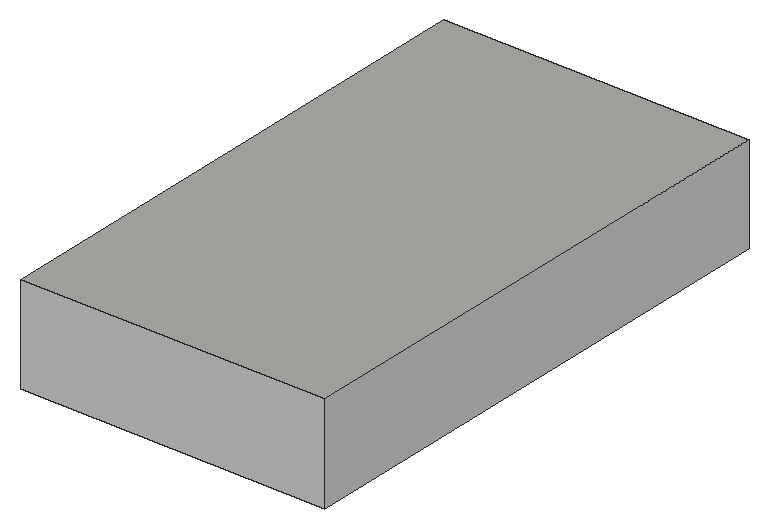
Revit family "BA-04", category Устройства связи, Revit 2016
Family settings
  Сохранять ориентацию аннотаций = Нет
  Тип детали = Нормальный
  Размер круглого соединителя = Использовать диаметр
  На основе рабочей плоскости = Да
  Всегда вертикально = Нет
  При загрузке вырезать с полостями = Нет
  Общий = Да
  Точка расчета площади = Нет
Parameters (values of type "BA-04E SILVER")
  Цветовое решение = "Серебристо-серый"
  Угол обзора = "По горизонтали 78°, по вертикали 56°"  # constant formula
  Тип установки = "Врезная, накладная с BR-BA"  # constant formula
  Тип панели = "Многоквартирная"  # constant formula
  Тип клавиатуры = "Механические кнопки с подсветкой"  # constant formula
  Температурный режим = "-40 ... +65 °С"  # constant formula
  Режим разговора = "Двухсторонний"  # constant formula
  Разрешение камеры = "800 ТВл"  # constant formula
  Размер самой панели = "155х270х50 мм"  # constant formula
  Размер под установку = "150х250х60 мм"  # constant formula
  Потребление питания = "6,5 Вт, в режиме ожидания – 2,5 Вт"  # constant formula
  Питание = "+12 В"  # constant formula
  Default Elevation = 0 mm
  Открытие замка = "С монитора, по карте, из приложения BAS-IP Intercom"  # constant formula
  Описание = "BA-04E SILVER / BA-04M SILVER – это 4-х абонентская панель, которая прекрасно объединяет в себе доступность, красивый и стильный дизайн, а также прекрасные технические характеристики."  # constant formula
  Ночная подсветка = "6 светодиодов"  # constant formula
  Минимальная освещенность = "0,01 LuX"  # constant formula
  Материал корпуса = Серебро
  Корпус = "Металлический"  # constant formula
  Контроль доступа = "Считыватель беcконтактных карт EM-Marin (BA-04E), Mifare (BA-04M)"  # constant formula
  Количество мелодий вызова = "4 полифонические мелодии"  # constant formula
  Кнопки быстрого вызова = "Кнопка вызова консьержа"  # constant formula
  Класс степени защиты = "IP65"  # constant formula
  Камера = "1/3”, регулировка направления камеры"  # constant formula
  Интерфейс = "WEB-интерфейс"  # constant formula
  Интеграция со СКУД = "Выход WIEGAND-26"  # constant formula
  Изображение типоразмера = <Нет>
  Изображение = SHV_Изображение_BA-04
  Изготовитель = "BAS-IP"  # constant formula
  Дополнительно = "SIP P2P, Встроенное реле"  # constant formula
  Дисплей = "Нет"  # constant formula
  Группа модели = "Вызывная панель"  # constant formula
  Выходное видео = "D1 (704х576), H.264 Main Profile, BaseLine Profile"  # constant formula
  Аутентификация = "Отдельный пароль на настройки, WEB–интерфейс"  # constant formula
  URL = "https://www.bas-ip.ru"
  Email = "support@bimlib.ru"  # constant formula
  BIM library = "https://bimlib.ru/manufacturer/"  # constant formula
  ADSK_Размер_Ширина = 270 mm  # constant formula
  ADSK_Размер_Толщина = 50 mm  # constant formula
  ADSK_Размер_Длина = 155 mm  # constant formula
  ADSK_Примечание = ""
  ADSK_Полная мощность = ADSK_Номинальная мощность / ADSK_Коэффициент мощности  # 7.22222 VA
  ADSK_Позиция = ""
  ADSK_Обозначение = ""
  ADSK_Номинальная мощность = 6.5 W  # constant formula
  ADSK_Напряжение = 12 V  # constant formula
  ADSK_Наименование краткое = ADSK_Марка  # "BA-04E"
  ADSK_Наименование = "ВЫЗЫВНАЯ ПАНЕЛЬ BA-04E"
  ADSK_Масса_Текст = ""
  ADSK_Марка = "BA-04E"
  ADSK_Коэффициент мощности = 0.9  # constant formula
  ADSK_Количество фаз = 1
  ADSK_Код изделия = ""
  ADSK_Классификация нагрузок = Вызывная панель
  ADSK_Зона = ""
  ADSK_Завод-изготовитель = Изготовитель  # "BAS-IP"
  ADSK_Единица измерения = "шт"  # constant formula
  ADSK_Версия Revit = "Revit 2016"  # constant formula
  ADSK_URL страницы изделия = "https://www.bas-ip.ru/catalog/panels/bas-ip-ba-04-v3/"
  ADSK_URL документации изделия = "https://wiki.bas-ip.com/display/BA04v3/BA-04"
Types (3, lengths in mm): name | ADSK_Наименование краткое | ADSK_Наименование | ADSK_Марка
  (no name) | "BA-04E" | "ВЫЗЫВНАЯ ПАНЕЛЬ BA-04E" | "BA-04E"
  BA-04E SILVER | "BA-04E" | "ВЫЗЫВНАЯ ПАНЕЛЬ BA-04E" | "BA-04E"
  BA-04M SILVER | "BA-04M" | "ВЫЗЫВНАЯ ПАНЕЛЬ BA-04M" | "BA-04M"
Reference planes
  plane 1 "По центру (Вперед/Назад)": y = 0
  plane 2: z = 0
  plane 3 "По центру (Влево/Вправо)": x = 0
  plane 4: x = -77.5
  plane 5: y = 135
  plane 6: x = 77.5
  plane 7: y = -135
  plane 8: z = 3
  plane 9 "Плоскость для коннекторов": z = -47
Forms (mm)
  Extrusion 1, solid, material "Серебро" <- "Материал корпуса", detail levels medium+fine
    sketch origin (0, 0, 0) x (1, 0, 0) y (0, 1, 0)
      loop
        line (-77.5, 135) -> (-77.5, -135) -> (77.5, -135) -> (77.5, 135) -> (-77.5, 135)
    from -47 to 3
Lines and regions (mm)
  model lines, detail levels coarse
    curve 1: line (-77.5, 135, 0) -> (77.5, 135, 0)
    curve 2: line (-77.5, -135, 0) -> (-77.5, 135, 0)
    curve 3: line (77.5, -135, 0) -> (-77.5, -135, 0)
    curve 4: line (77.5, 135, 0) -> (77.5, -135, 0)
Dimensions and locks
  equal spacing: plane 4, plane 3 "По центру (Влево/Вправо)", plane 6
  "ADSK_Размер_Длина": plane 4 to plane 6
  "ADSK_Размер_Ширина": plane 5 to plane 7
  equal spacing: plane 5, plane 1 "По центру (Вперед/Назад)", plane 7
  plane 8 to plane 2 = 3 mm
  plane 3 "По центру (Влево/Вправо)" to Extrusion 1 = 77.5 mm
  "ADSK_Размер_Толщина": plane 8 to plane 9 "Плоскость для коннекторов"
  aligned and locked: level to plane 2
  aligned and locked: Extrusion 1 sketch curve to plane 4
  aligned and locked: Extrusion 1 sketch curve to plane 5
  aligned and locked: Extrusion 1 sketch curve to plane 6
  aligned and locked: Extrusion 1 sketch curve to plane 7
  aligned and locked: curve 1 to Extrusion 1
  aligned and locked: curve 2 to Extrusion 1
  aligned and locked: curve 3 to Extrusion 1
  aligned and locked: curve 4 to Extrusion 1
  aligned and locked: plane 8 to Extrusion 1
  aligned and locked: Extrusion 1 to plane 9 "Плоскость для коннекторов"
Connectors
  electrical at (0, -49.5, -47)
    settings: on plane 9 "Плоскость для коннекторов", index 4, voltage 0 V, apparent load 0 VA, apparent load phase1 0 VA, apparent load phase2 0 VA, apparent load phase3 0 VA, power factor 1, load classification "Прочее", number of poles 1, system type 13, power factor state 1, is connector primary yes, connector utility no, sub classification motor no, connector description "Магнитный замок"
  electrical at (-19.5, -49.5, -47)
    settings: on plane 9 "Плоскость для коннекторов", index 5, voltage 0 V, apparent load 0 VA, apparent load phase1 0 VA, apparent load phase2 0 VA, apparent load phase3 0 VA, power factor 1, load classification "Прочее", number of poles 1, system type 5, power factor state 1, is connector primary no, connector utility no, sub classification motor no, connector description "RJ-45 Ethernet UTP Cat5e"
  electrical at (19.5, -49.5, -47), driven by "ADSK_Количество фаз", driven by "ADSK_Классификация нагрузок", driven by "ADSK_Напряжение", driven by "ADSK_Полная мощность", driven by "ADSK_Коэффициент мощности"
    settings: on plane 9 "Плоскость для коннекторов", index 6, voltage 12 V, apparent load 7.22222 VA, apparent load phase1 0 VA, apparent load phase2 0 VA, apparent load phase3 0 VA, power factor 0.9, load classification "Вызывная панель", number of poles 1, system type 30, power factor state 1, is connector primary no, connector utility no, sub classification motor no, connector description ""
